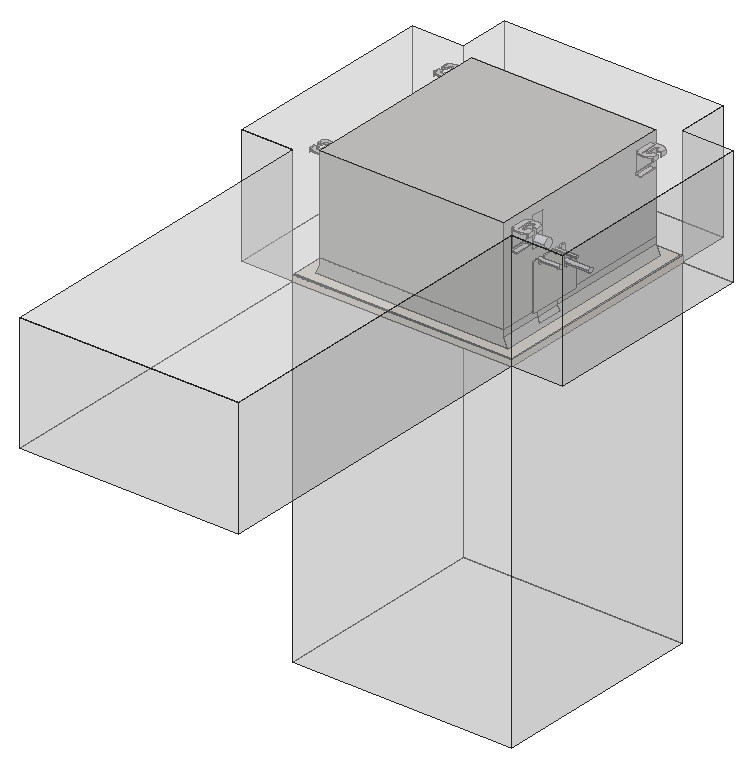
Revit family "outputfile", category 機械設備, Revit 2024
Family settings
  丸型コネクタ寸法 = 半径を使用
  種別 = なし
  パーツ タイプ = 標準
  OmniClass 番号 = 23.75.10.24.21.27.27
  OmniClass タイトル = Split System Air Conditioning Units
  作業面ベース = いいえ
  常に垂直 = はい
  ロード時にボイドで切り取り = いいえ
  注釈の向きを維持 = いいえ
  共有 = いいえ
  部屋計算ポイント = はい
Parameters (values of type "FPEKQ28AVM")
  書き出し IFC クラス(タイプ) = "IfcUnitaryEquipmentType"
  定義済み IFC タイプ(タイプ) = "AIRCONDITIONINGUNIT"
  r_HP/LP Gas Pipe Size = [HP/LP Gas Pipe Size] / 2  # 4.75 mm
  製造元 = "Daikin"
  モデル = "FPEKQ28AVM"
  w_power = 270.0 mm
  w_HP/LP Gas Pipe Size = 334.0 mm
  w_gaspipe = 344.0 mm
  w_drainpipe = 303.0 mm
  w_liquidpipe = 334.0 mm
  r_OAduct = 75.0 mm
  r_Liquid Pipe Size = Liquid Pipe Size / 2  # 3.2 mm
  r_Gas Pipe Size = Gas Pipe Size / 2  # 6.35 mm
  r_Drain Pipe Size = Drain Pipe Size / 2  # 13.0 mm
  lw_OA = (Width - 295.0 mm) / 2  # 172.5 mm
  lh_liquidpipe = 176.0 mm
  lh_HP/LP Gas Pipe Size = 176.0 mm
  lh_OA = 220.0 mm
  ld_HP/LP Gas Pipe Size = 150.0 mm
  ld_OA = 100.0 mm
  Voltage_comment_60Hz = "220-230"
  Voltage_comment_50Hz = "220 - 240"
  Voltage_60Hz = 220 V
  Voltage_50Hz = 230 V
  Phase_60Hz = 1
  Phase_50Hz = 1
  Minimum Circuit Amps_60Hz = 0.6 A
  Minimum Circuit Amps_50Hz = 0.6 A
  Maximum Fuse Amps_60Hz = 16.0 A
  Maximum Fuse Amps_50Hz = 16.0 A
  Material_Casing = DAIKIN_GalvanizedSteel_Casing_indoorunit
  lw_drainpipe = 50.0 mm
  lw_connection = 75.0 mm
  lh_powersuply = 27.0 mm
  lh_drainpipe = 230.0 mm
  lh_gaspipe = 129.0 mm
  ld_powersuply = 100.0 mm
  ld_liquidpipe = 90.0 mm
  ld_gaspipe = 53.0 mm
  ld_drainpipe = 157.0 mm
  h_mountinghole = 304.0 mm
  h_casing = 325.0 mm
  h_antenna = h_casing - h_mountinghole + 1.0 mm  # 22.0 mm
  d_mountinghole = 456.0 mm
  Width = 640.0 mm
  w_mountinghole = 603.0 mm
  w_branch duct connection = if(Width = 1070.0 mm, 360.0 mm, 615.0 mm)  # 615.0 mm
  w_block = if(Width = 1285.0 mm, 36.5 mm, 36.0 mm)  # 36.0 mm
  Version = "ver.1.0"
  Unit Type = "Moisture Kitchen Cassette"
  Unit Mass Weight = 19.00 kg
  Unit Designation [instance] = ""
  Uniclass2015Version = "Products v1.30"
  Uniclass2015Title = "Variable refrigerant flow units"
  Uniclass2015Code = "Pr_70_65_03_94"
  Total Cooling Capacity [instance] = 0.000 kW
  Sound Pressure Level_M speed (dBA) = 0
  Sound Pressure Level_L speed (dBA) = 25
  Sound Pressure Level_H speed (dBA) = 35
  Series = "VRV HOME_Fan Coil Unit"
  Sensible Cooling Capacity [instance] = 0.000 kW
  Refrigerant Type = "R410A"
  r_branch duct connection = if(Width = 1070.0 mm, 154.5 mm, 262.5 mm)  # 262.5 mm
  Power Input (Cooling) = 0.054 kW
  Option Accessory 3 [instance] = ""
  Option Accessory 2 [instance] = ""
  Option Accessory 1 [instance] = ""
  Nominal Cooling Capacity = 3.200 kW
  Minimum Airflow = 210.00 m³/h
  Median Airflow = 0.00 m³/h
  Maximum Airflow = 516.00 m³/h
  Load Classification = HVAC
  Liquid Pipe Size = 6.4 mm
  Link_Nested Family [instance] = ""
  l_branch duct connection = if(Width = 1070.0 mm, 282.5 mm, 374.5 mm)  # 374.5 mm
  IfcVersion = ""
  IfcExportType = "AIRCONDITIONINGUNIT"
  IfcExportAs = "IfcUnitaryEquipmentType"
  Height = 345.0 mm
  Heat Exchanger Type = "Cross Fin Coil"
  HP/LP Gas Pipe Size = 9.5 mm
  Gas Pipe Size = 12.7 mm
  Frequency_60Hz = 60 Hz
  Frequency_50Hz = 50 Hz
  Fan Type = "Sirocco Fan"
  Fan Drive = "Direct Drive"
  FCU Tag No. [instance] = ""
  Drain Pipe Size = 26.0 mm
  Design Supply Airflow [instance] = 0.00 m³/h
  Design Outdoor Airflow [instance] = 0.00 m³/h
  Depth = 625.0 mm
  既定の高さ = 0.0 mm
  Cooling Entering Wet Bulb Temperature [instance] = 0.00 °C
  Cooling Entering Dry Bulb Temperature [instance] = 0.00 °C
  Cooling Ambient Wet Bulb Temperature [instance] = 0.00 °C
  Cooling Ambient Dry Bulb Temperature [instance] = 0.00 °C
  Clearance visibility [instance] = yes
  Clearance Top = 0.0 mm
  Clearance Right = 150.0 mm
  Clearance Rear = 150.0 mm
  Clearance Left = 150.0 mm
  Clearance Front = 1000.0 mm
  Clearance Bottom = 1000.0 mm
  switch_Branch duct connection2 visibility = Width = 1740.0 mm  # no
  switch_Branch duct connection1 visibility = or((Width = 1070.0 mm), (Width = 1285.0 mm))  # no
Reference planes
  plane 1 "Center (Front/Back)": y = 0
  plane 2 "ceiling plane": z = 0
  plane 3 "Center (Left/Right)": x = 0
  plane 4 "Back": y = 312.5
  plane 5 "Front": y = -312.5
  plane 6 "Left": x = -320
  plane 7 "Right": x = 320
  plane 8 "Top": z = 325
  plane 9 "Bottom": z = -20
  plane 10: z = 45
  plane 11: z = 325
  plane 12: x = -301.5
  plane 13: x = 301.5
  plane 14: y = 228
  plane 15: y = -228
  plane 16: z = 304
  plane 17: x = 303
  plane 18: x = 334
  plane 19: y = -100
  plane 20 "Clearance Rear": y = 462.5
  plane 21 "Clearance Front": y = -1312.5
  plane 22 "Clearance Left": x = -470
  plane 23 "Clearance Right": x = 470
  plane 24 "Clearance Top": z = 325
  plane 25 "Clearance Bottom": z = -1000
  plane 26: y = -90
  plane 27: y = -53
  plane 28: y = -157
  plane 29: z = 27
  plane 30: z = 129
  plane 31: z = 230
  plane 32: z = 220
  plane 33: x = 160
  plane 34: y = -260
  plane 35: z = 176
  plane 36: y = -150
  plane 37: x = 344
Forms (mm)
  Extrusion 1, solid, material "DAIKIN_GalvanizedSteel_Casing_indoorunit" <- "Material_Casing"
    sketch origin (0, 0, 0) x (1, 0, 0) y (0, 1, 0)
      loop
        line (-270, 277.5) -> (-270, -277.5) -> (270, -277.5) -> (270, 277.5) -> (-270, 277.5)
    from 45 to 325
  Extrusion 2, solid
    sketch origin (0, 0, 0) x (0, 1, 0) y (0, 0, 1)
      loop
        circle (-90, 176) r 3.2
    from 270 to 334
  Extrusion 3, solid
    sketch origin (0, 0, 0) x (0, 1, 0) y (0, 0, 1)
      loop
        circle (-157, 230) r 13
    from 268 to 303
  Extrusion 4, solid
    sketch origin (0, -60, 0) x (0, 1, 0) y (0, 0, 1)
      loop
        circle (-90, 176) r 4.75
    from 270 to 334 <- "w_HP/LP Gas Pipe Size"
  Extrusion 5, solid
    sketch origin (0, 0, 0) x (0, 1, 0) y (0, 0, 1)
      loop
        circle (-53, 129) r 6.35
    from 270 to 344
  Extrusion 6, solid, material "DAIKIN_GalvanizedSteel_Casing_indoorunit" <- "Material_Casing"
    sketch origin (0, 0, 0) x (0, 1, 0) y (0, 0, 1)
      loop
        line (-173.357, 45.701) -> (-27.704, 45.701)
        arc (-27.704, 45.701) -> (-25.633, 46.606) -> (-24.781, 48.7) r 3
        line (-24.781, 48.7) -> (-24.781, 130.81)
        arc (-24.781, 130.81) -> (-25.66, 132.931) -> (-27.781, 133.81) r 3
        line (-27.781, 133.81) -> (-35.219, 133.81)
        arc (-35.219, 133.81) -> (-37.34, 132.931) -> (-38.219, 130.81) r 3
        line (-38.219, 130.81) -> (-38.219, 129)
        arc (-38.219, 129) -> (-53, 114.219) -> (-67.781, 129) r 14.781
        line (-67.781, 129) -> (-67.781, 144.567)
        arc (-67.781, 144.567) -> (-67.553, 145.715) -> (-66.903, 146.689) r 3
        line (-66.903, 146.689) -> (-63.66, 150.321)
        arc (-63.66, 150.321) -> (-63.01, 151.295) -> (-62.781, 152.443) r 3
        line (-62.781, 152.443) -> (-62.781, 177.95)
        arc (-62.781, 177.95) -> (-63.66, 180.071) -> (-65.781, 180.95) r 3
        line (-65.781, 180.95) -> (-73.98, 180.95)
        arc (-73.98, 180.95) -> (-76.102, 180.071) -> (-76.98, 177.95) r 3
        line (-76.98, 177.95) -> (-76.98, 176)
        arc (-76.98, 176) -> (-90, 162.98) -> (-103.02, 176) r 13.02
        line (-103.02, 176) -> (-103.02, 177.95)
        arc (-103.02, 177.95) -> (-103.898, 180.071) -> (-106.02, 180.95) r 3
        line (-106.02, 180.95) -> (-133.996, 180.95)
        arc (-133.996, 180.95) -> (-136.117, 180.071) -> (-136.996, 177.95) r 3
        line (-136.996, 177.95) -> (-136.996, 176)
        arc (-136.996, 176) -> (-150, 162.996) -> (-163.004, 176) r 13.004
        line (-163.004, 176) -> (-163.004, 177.95)
        arc (-163.004, 177.95) -> (-163.883, 180.071) -> (-166.004, 180.95) r 3
        line (-166.004, 180.95) -> (-173.279, 180.95)
        arc (-173.279, 180.95) -> (-175.4, 180.071) -> (-176.279, 177.95) r 3
        line (-176.279, 177.95) -> (-176.279, 48.7)
        arc (-176.279, 48.7) -> (-175.428, 46.607) -> (-173.357, 45.701) r 3
    from 270 to 277
  Extrusion 7, void
    sketch origin (0, 0, 0) x (0, 1, 0) y (0, 0, 1)
      loop
        arc (-136, 296) -> (-137.464, 299.536) -> (-141, 301) r 5
        line (-141, 301) -> (-173, 301)
        arc (-173, 301) -> (-176.536, 299.536) -> (-178, 296) r 5
        line (-178, 296) -> (-178, 214)
        arc (-178, 214) -> (-176.536, 210.464) -> (-173, 209) r 5
        line (-173, 209) -> (-141, 209)
        arc (-141, 209) -> (-137.464, 210.464) -> (-136, 214) r 5
        line (-136, 214) -> (-136, 296)
    from 268 to 270
  Extrusion 8, solid, material "DAIKIN_GalvanizedSteel_Casing_indoorunit" <- "Material_Casing"
    sketch origin (0, 0, 0) x (1, 0, 0) y (0, 0, 1)
      loop
        line (271, 25.995) -> (271, 42) -> (-271, 42) -> (-271, 25.995) -> (-277.526, 12) -> (277.526, 12) -> (271, 25.995)
    from 85 to 155
Cuts and joins
  Extrusion 7 cuts Extrusion 1
Dimensions and locks
  "Width": plane 6 "Left" to plane 7 "Right"
  equal spacing: plane 6 "Left", plane 3 "Center (Left/Right)", plane 7 "Right"
  equal spacing: plane 4 "Back", plane 1 "Center (Front/Back)", plane 5 "Front"
  "Depth": plane 4 "Back" to plane 5 "Front"
  plane 11 to plane 10 = 280.0 mm
  equal spacing: plane 12, plane 3 "Center (Left/Right)", plane 13
  "w_mountinghole": plane 12 to plane 13
  equal spacing: plane 15, plane 1 "Center (Front/Back)", plane 14
  "d_mountinghole": plane 15 to plane 14
  "h_mountinghole": plane 16 to level
  "lh_liquidpipe": Extrusion 2 sketch curve to level
  "Clearance Left": plane 22 "Clearance Left" to plane 6 "Left"
  "Clearance Right": plane 7 "Right" to plane 23 "Clearance Right"
  "Clearance Front": plane 5 "Front" to plane 21 "Clearance Front"
  "Clearance Rear": plane 20 "Clearance Rear" to plane 4 "Back"
  "Clearance Top": plane 24 "Clearance Top" to plane 11
  "Clearance Bottom": level to plane 25 "Clearance Bottom"
  "ld_powersuply": plane 19 to plane 1 "Center (Front/Back)"
  "ld_liquidpipe": plane 26 to plane 1 "Center (Front/Back)"
  "ld_gaspipe": plane 27 to plane 1 "Center (Front/Back)"
  "ld_drainpipe": plane 28 to plane 1 "Center (Front/Back)"
  "lh_powersuply": plane 29 to level
  "lh_gaspipe": plane 30 to level
  "lh_drainpipe": plane 31 to level
  "h_casing": plane 11 to level
  "lh_OA": plane 32 to level
  locked: plane 33 to plane 7 "Right" at 160
  locked: plane 5 "Front" to plane 34 at 52.5
  equal spacing: Extrusion 1 sketch curve, plane 3 "Center (Left/Right)", Extrusion 1 sketch curve
  locked: Extrusion 1 sketch curve to Extrusion 1 sketch curve at 540
  equal spacing: Extrusion 1 sketch curve, plane 1 "Center (Front/Back)", Extrusion 1 sketch curve
  locked: Extrusion 1 sketch curve to Extrusion 1 sketch curve at 555
  "lh_liquidpipe": plane 35 to level
  "w_drainpipe": plane 3 "Center (Left/Right)" to plane 17
  "w_liquidpipe": plane 3 "Center (Left/Right)" to plane 18
  "lh_HP/LP Gas Pipe Size": Extrusion 4 sketch curve to level
  "ld_HP/LP Gas Pipe Size": Extrusion 4 sketch curve to plane 1 "Center (Front/Back)"
  "ld_HP/LP Gas Pipe Size": plane 36 to plane 1 "Center (Front/Back)"
  "w_gaspipe": plane 3 "Center (Left/Right)" to plane 37
  locked: plane 10 to level at 45
  "Liquid Pipe Size": diameter of Extrusion 2 sketch curve
  "Drain Pipe Size": diameter of Extrusion 3 sketch curve
  "r_HP/LP Gas Pipe Size": radius of Extrusion 4 sketch curve
  "r_Gas Pipe Size": radius of Extrusion 5 sketch curve
  aligned and locked: level to plane 2 "ceiling plane"
  aligned and locked: Extrusion 1 to plane 10
  aligned and locked: plane 11 to Extrusion 1
  aligned and locked: plane 18 to Extrusion 2
  aligned and locked: plane 17 to Extrusion 3
  aligned and locked: nested 6 to plane 19
  aligned and locked: plane 11 to plane 8 "Top"
  aligned and locked: nested 6 to plane 29
  aligned and locked: nested 7 to plane 26
  aligned and locked: plane 18 to nested 7
  aligned and locked: nested 8 to plane 27
  aligned and locked: nested 9 to plane 28
  aligned and locked: plane 17 to nested 9
  aligned and locked: plane 12 to nested 10
  aligned and locked: plane 14 to nested 10
  aligned and locked: plane 12 to nested 11
  aligned and locked: plane 15 to nested 11
  aligned and locked: plane 13 to nested 12
  aligned and locked: plane 15 to nested 12
  aligned and locked: plane 14 to nested 13
  aligned and locked: plane 13 to nested 13
  aligned and locked: plane 1 "Center (Front/Back)" to nested 15
  aligned and locked: plane 3 "Center (Left/Right)" to nested 15
  aligned and locked: plane 24 "Clearance Top" to nested 15
  aligned and locked: plane 33 to nested 14
  aligned and locked: nested 14 to plane 34
  aligned and locked: level to nested 1
  aligned and locked: plane 3 "Center (Left/Right)" to nested 1
  aligned and locked: plane 1 "Center (Front/Back)" to nested 1
  aligned and locked: plane 14 to nested 2
  aligned and locked: plane 12 to nested 2
  aligned and locked: plane 15 to nested 3
  aligned and locked: plane 12 to nested 3
  aligned and locked: nested 4 to plane 14
  aligned and locked: plane 13 to nested 4
  aligned and locked: nested 5 to plane 15
  aligned and locked: plane 13 to nested 5
  aligned and locked: plane 26 to Extrusion 2 sketch curve
  aligned and locked: plane 28 to Extrusion 3 sketch curve
  aligned and locked: plane 31 to Extrusion 3 sketch curve
  aligned and locked: nested 16 to plane 36
  aligned and locked: plane 18 to Extrusion 4
  aligned and locked: plane 30 to Extrusion 5 sketch curve
  aligned and locked: plane 27 to Extrusion 5 sketch curve
  aligned and locked: plane 37 to Extrusion 5
  aligned and locked: plane 37 to nested 8
  aligned and locked: nested 14 to plane 9 "Bottom"
  aligned and locked: plane 9 "Bottom" to nested 1
  aligned and locked: Extrusion 4 to cut or joined group of Extrusion 1, Extrusion 7
  aligned and locked: Extrusion 2 to cut or joined group of Extrusion 1, Extrusion 7
  aligned and locked: Extrusion 5 to cut or joined group of Extrusion 1, Extrusion 7
  aligned and locked: cut or joined group of Extrusion 1, Extrusion 7 to Extrusion 3
Automatic sketch dimensions
  plane 35 to Extrusion 6 sketch curve = 0.0 mm  (x2)
  Extrusion 6 sketch curve to plane 36 = 0.0 mm
  Extrusion 6 sketch curve to plane 26 = 0.0 mm
  plane 30 to Extrusion 6 sketch curve = 0.0 mm
  Extrusion 6 sketch curve to plane 27 = 0.0 mm
  Extrusion 6 sketch curve to plane 35 = 1.95 mm  (x4)
  plane 28 to Extrusion 6 sketch curve = 6.004 mm
  Extrusion 6 sketch curve to Extrusion 6 sketch curve = 3.0 mm  (x4)
  plane 10 to Extrusion 6 sketch curve = 3.7 mm  (x2)
  plane 28 to Extrusion 6 sketch curve = 16.279 mm
  Extrusion 6 sketch curve to Extrusion 6 sketch curve = 7.275 mm
  plane 10 to Extrusion 6 sketch curve = 0.701 mm  (x2)
  Extrusion 6 sketch curve to Extrusion 6 sketch curve = 0.078 mm  (x2)
  plane 19 to Extrusion 6 sketch curve = 6.02 mm
  plane 19 to Extrusion 6 sketch curve = 3.02 mm
  Extrusion 6 sketch curve to Extrusion 6 sketch curve = 0.879 mm  (x2)
  Extrusion 6 sketch curve to Extrusion 6 sketch curve = 8.199 mm
  Extrusion 6 sketch curve to Extrusion 6 sketch curve = 1.121 mm
  Extrusion 6 sketch curve to Extrusion 6 sketch curve = 2.121 mm  (x2)
  Extrusion 6 sketch curve to plane 30 = 1.81 mm
  Extrusion 6 sketch curve to Extrusion 6 sketch curve = 7.437 mm
  Extrusion 6 sketch curve to plane 27 = 25.219 mm
  Extrusion 6 sketch curve to plane 30 = 15.567 mm
  Extrusion 6 sketch curve to Extrusion 6 sketch curve = 3.633 mm
  plane 32 to Extrusion 7 sketch curve = 6.0 mm  (x2)
  plane 28 to Extrusion 7 sketch curve = 21.0 mm
  Extrusion 7 sketch curve to Extrusion 7 sketch curve = 5.0 mm  (x3)
  Extrusion 7 sketch curve to plane 36 = 9.0 mm
  Extrusion 7 sketch curve to plane 16 = 8.0 mm
  plane 12 to Extrusion 8 sketch curve = 23.974 mm
  Extrusion 8 sketch curve to plane 10 = 3.0 mm
  plane 12 to Extrusion 8 sketch curve = 30.5 mm
  plane 29 to Extrusion 8 sketch curve = 1.005 mm  (x2)
  Extrusion 8 sketch curve to plane 13 = 30.5 mm
  Extrusion 8 sketch curve to Extrusion 8 sketch curve = 6.526 mm
  level to Extrusion 8 sketch curve = 12.0 mm
Nested families
  nested 1: "daikin_round flow_panel" at (0, 0, 0), type "magnolia denudata white"
  nested 2: "daikin_hangerfixture_FPEKQ-AVM" at (-270, 228, 304) x (0, -1, 0) z (0, 0, 1), built-in parameter 1001364 <- "h_mountinghole", type "daikin_hangerfixture_FPEKQ-AVM"
  nested 3: "daikin_hangerfixture_FPEKQ-AVM" at (-270, -228, 304) x (0, -1, 0) z (0, 0, 1), built-in parameter 1001364 <- "h_mountinghole", type "daikin_hangerfixture_FPEKQ-AVM"
  nested 4: "daikin_hangerfixture_FPEKQ-AVM" at (270, 228, 304) x (0, -1, 0) z (0, 0, 1), built-in parameter 1001364 <- "h_mountinghole", type "daikin_hangerfixture_FPEKQ-AVM"
  nested 5: "daikin_hangerfixture_FPEKQ-AVM" at (270, -228, 304) x (0, -1, 0) z (0, 0, 1), built-in parameter 1001364 <- "h_mountinghole", type "daikin_hangerfixture_FPEKQ-AVM"
  nested 6: "daikin_connector_rotate2" at (0, -100, 27) x (0, 1, 0) z (0, 0, 1), length <- "w_power", type "daikin_connector_rotate2"
    with radius 10.0 mm, length 270.0 mm, angle_vertical 90.00°
  nested 7: "daikin_connector_rotate2" at (0, -90, 176) x (0, 1, 0) z (0, 0, 1), radius <- "r_Liquid Pipe Size", built-in parameter 1001364 <- "lh_liquidpipe", length <- "w_liquidpipe", type "daikin_connector_rotate2"
    with radius 3.2 mm, length 334.0 mm, angle_vertical 90.00°
  nested 8: "daikin_connector_rotate2" at (0, -53, 129) x (0, 1, 0) z (0, 0, 1), radius <- "r_Gas Pipe Size", built-in parameter 1001364 <- "lh_gaspipe", length <- "w_gaspipe", type "daikin_connector_rotate2"
    with radius 6.35 mm, length 344.0 mm, angle_vertical 90.00°
  nested 9: "daikin_connector_rotate2" at (0, -157, 230) x (0, 1, 0) z (0, 0, 1), radius <- "r_Drain Pipe Size", built-in parameter 1001364 <- "lh_drainpipe", length <- "w_drainpipe", type "daikin_connector_rotate2"
    with radius 13.0 mm, length 303.0 mm, angle_vertical 90.00°
  nested 10: "daikin_mountinghole" at (-301.5, 228, 0), l_antenna <- "h_antenna", Link_Nested Family <- "Link_Nested Family", h_mountinghole <- "h_mountinghole", type "daikin_mountinghole"
    with show yes, l_antenna 22.0 mm, h_mountinghole 304.0 mm, Link_Nested Family ""
  nested 11: "daikin_mountinghole" at (-301.5, -228, 0), l_antenna <- "h_antenna", Link_Nested Family <- "Link_Nested Family", h_mountinghole <- "h_mountinghole", type "daikin_mountinghole"
    with show yes, l_antenna 22.0 mm, h_mountinghole 304.0 mm, Link_Nested Family ""
  nested 12: "daikin_mountinghole" at (301.5, -228, 0), l_antenna <- "h_antenna", Link_Nested Family <- "Link_Nested Family", h_mountinghole <- "h_mountinghole", type "daikin_mountinghole"
    with show yes, l_antenna 22.0 mm, h_mountinghole 304.0 mm, Link_Nested Family ""
  nested 13: "daikin_mountinghole" at (301.5, 228, 0), l_antenna <- "h_antenna", Link_Nested Family <- "Link_Nested Family", h_mountinghole <- "h_mountinghole", type "daikin_mountinghole"
    with show yes, l_antenna 22.0 mm, h_mountinghole 304.0 mm, Link_Nested Family ""
  nested 14: "daikin_logo_plane_w40" at (160, -260, -22), type "daikin_logo_plane_w40"
    with show_logo yes
  nested 15: "daikin_clearancespace_cassette" at (0, 0, 152.5), depth_outline <- "Depth", height_outline <- "Height", width_outline <- "Width", depth_front <- "Clearance Front", depth_rear <- "Clearance Rear", height_bottom <- "Clearance Bottom", height_top <- "Clearance Top", width_left <- "Clearance Left", width_right <- "Clearance Right", show <- "Clearance visibility", visible <- "Clearance visibility", Link_Nested Family <- "Link_Nested Family", type "daikin_clearancespace_cassette"
    with width_right 150.0 mm, width_outline 640.0 mm, width_left 150.0 mm, width 1823.963 mm, show yes, height_top 0.0 mm, height_outline 345.0 mm, height_bottom 1000.0 mm, height 1359.762 mm, depth_rear 150.0 mm, depth_outline 625.0 mm, depth_front 1000.0 mm, depth 880.0 mm, Link_Nested Family ""
  nested 16: "daikin_connector_rotate2" at (0, -150, 176) x (0, 1, 0) z (0, 0, 1), built-in parameter 1001364 <- "lh_HP/LP Gas Pipe Size", length <- "w_HP/LP Gas Pipe Size", type "daikin_connector_rotate2"
    with radius 4.8 mm, length 334.0 mm, angle_vertical 90.00°
Connectors
  piping at (334, -90, 176), diameter 6.4, driven by "r_Liquid Pipe Size"
    settings: on nested 7, index 5, connector inside diameter 609.6 mm, connector length 0.0 mm, flow factor 0, pipe flow 0.00 m³/h, pressure drop 0.0 Pa, fitting loss kfactor 0, connector angle 0.00°, fixture units 0, engagement length 0.0 mm, angle of deflection 0.00°, flow configuration 1, flow direction 1, fitting loss method 0, system type 29, joint type 0, gender type 0, connector reference index -1, connector utility 0, adjustable connector no, is connector primary yes, connector description "Refrigerant Liquid Piping"
  piping at (344, -53, 129), diameter 12.7, driven by "r_Gas Pipe Size"
    settings: on nested 8, index 6, connector inside diameter 609.6 mm, connector length 0.0 mm, flow factor 0, pipe flow 0.00 m³/h, pressure drop 0.0 Pa, fitting loss kfactor 0, connector angle 0.00°, fixture units 0, engagement length 0.0 mm, angle of deflection 0.00°, flow configuration 1, flow direction 2, fitting loss method 0, system type 29, joint type 0, gender type 0, connector reference index -1, connector utility 0, adjustable connector no, is connector primary no, connector description "Refrigerant Gas Piping"
  piping at (303, -157, 230), diameter 26, driven by "r_Drain Pipe Size"
    settings: on nested 9, index 7, connector inside diameter 609.6 mm, connector length 0.0 mm, flow factor 0, pipe flow 0.00 m³/h, pressure drop 0.0 Pa, fitting loss kfactor 0, connector angle 0.00°, fixture units 0, engagement length 0.0 mm, angle of deflection 0.00°, flow configuration 1, flow direction 2, fitting loss method 4, system type 16, joint type 0, gender type 0, connector reference index -1, connector utility 0, adjustable connector no, is connector primary no, connector description "Condensate Drain Piping"
  electrical at (270, -100, 27), driven by "Load Classification"
    settings: on nested 6, index 10, voltage 0 V, apparent load 0 VA, apparent load phase1 0 VA, apparent load phase2 0 VA, apparent load phase3 0 VA, power factor 1, load classification "HVAC", number of poles 1, system type 30, power factor state 1, is connector primary yes, connector utility no, sub classification motor no, connector description "Power Supply"
  piping at (334, -150, 176), diameter 9.5, driven by "r_HP/LP Gas Pipe Size"
    settings: on nested 16, index 11, connector inside diameter 609.6 mm, connector length 0.0 mm, flow factor 0, pipe flow 0.00 m³/h, pressure drop 0.0 Pa, fitting loss kfactor 0, connector angle 0.00°, fixture units 0, engagement length 0.0 mm, angle of deflection 0.00°, flow configuration 1, flow direction 0, fitting loss method 0, system type 29, joint type 0, gender type 0, connector reference index -1, connector utility 0, adjustable connector no, is connector primary no, connector description "Refrigerant HP/LP Gas Piping"
Definition of nested family "daikin_round flow_panel"
  Parameters (values of type "fresh white")
    width = 640.0 mm  # constant formula
    w_casing = 564.0 mm  # constant formula
    material_panel = none
    material_casing = none
    height = 65.0 mm
    depth = 625.0 mm  # constant formula
    d_casing = 555.0 mm  # constant formula
    W = 640.0 mm
    Default Elevation = 0.0 mm
  Reference planes
    plane 1 "Center (Front/Back)": y = 0
    plane 2: z = 0
    plane 3 "Center (Left/Right)": x = 0
    plane 4: y = 312.5
    plane 5: y = -312.5
    plane 6: x = -320
    plane 7: x = 320
    plane 8 "Bottom": z = -20
    plane 9: y = 277.5
    plane 10: y = -277.5
    plane 11: x = -282
    plane 12: x = 282
    plane 13: z = 45
    plane 14: x = -300
    plane 15: x = 300
    plane 16: z = -2
  Forms (mm)
    Extrusion 1, solid, material <- "material_casing"
      sketch origin (0, 0, 0) x (1, 0, 0) y (0, 0, 1)
        loop
          line (270, 25.774) -> (270, 45) -> (-270, 45) -> (-270, 25.774) -> (-282.018, 0) -> (282.018, 0) -> (270, 25.774)
      from -277.5 to 277.5
    Extrusion 2, solid, material <- "material_panel"
      sketch origin (0, 0, 0) x (1, 0, 0) y (0, 0, 1)
        loop
          line (-317.01, 0) -> (-317.01, -2) -> (317.01, -2) -> (317.01, 0) -> (-317.01, 0)
      from -309.5 to 309.5
    Extrusion 3, solid, material <- "material_panel"
      sketch origin (0, 0, 0) x (1, 0, 0) y (0, 0, 1)
        loop
          line (-320, -2) -> (-320, -20) -> (320, -20) -> (320, -2) -> (-320, -2)
      from -312.5 to 312.5
    Extrusion 4, void
      sketch origin (-993.619, -1524, -20) x (0, -1, 0) y (-1, 0, 0)
        loop
          line (-1296, -757.819) -> (-1296, -1229.419) -> (-1246.5, -1229.419) -> (-1246.5, -757.819) -> (-1296, -757.819)
        loop
          line (-1801.5, -692.119) -> (-1801.5, -1295.119) -> (-1535.3, -1295.119) -> (-1535.3, -692.119) -> (-1801.5, -692.119)
      from 0 to -1
    Extrusion 5, solid, material <- "material_panel"
      sketch origin (-993.619, -1524, -20) x (-1, 0, 0) y (0, -1, 0)
        loop
          line (-757.819, -1296) -> (-757.819, -1246.5) -> (-1072.219, -1246.5) -> (-1072.219, -1296) -> (-757.819, -1296)
      from 0 to 1
    Extrusion 6, solid, material <- "material_panel"
      sketch origin (-993.619, -1524, -20) x (-1, 0, 0) y (0, -1, 0)
        loop
          line (-1072.219, -1296) -> (-1072.219, -1246.5) -> (-1229.419, -1246.5) -> (-1229.419, -1296) -> (-1072.219, -1296)
      from 0 to 1
    Extrusion 7, solid, material <- "material_panel"
      sketch origin (-993.619, -1524, -20) x (-1, 0, 0) y (0, -1, 0)
        loop
          line (-750.169, -1801.5) -> (-750.169, -1535.3) -> (-752.169, -1535.3) -> (-752.169, -1801.5) -> (-750.169, -1801.5)
        loop
          line (-818.744, -1535.3) -> (-823.744, -1535.3) -> (-823.744, -1801.5) -> (-818.744, -1801.5) -> (-818.744, -1535.3)
        loop
          line (-888.819, -1801.5) -> (-888.819, -1535.3) -> (-893.819, -1535.3) -> (-893.819, -1801.5) -> (-888.819, -1801.5)
        loop
          line (-991.119, -1801.5) -> (-991.119, -1535.3) -> (-996.119, -1535.3) -> (-996.119, -1801.5) -> (-991.119, -1801.5)
        loop
          line (-1093.419, -1801.5) -> (-1093.419, -1535.3) -> (-1098.419, -1535.3) -> (-1098.419, -1801.5) -> (-1093.419, -1801.5)
        loop
          line (-1163.494, -1535.3) -> (-1168.494, -1535.3) -> (-1168.494, -1801.5) -> (-1163.494, -1801.5) -> (-1163.494, -1535.3)
        loop
          line (-1235.069, -1801.5) -> (-1235.069, -1535.3) -> (-1237.069, -1535.3) -> (-1237.069, -1801.5) -> (-1235.069, -1801.5)
      from 0 to 1
    Extrusion 8, solid, material <- "material_panel"
      sketch origin (-993.619, -1524, -20) x (-1, 0, 0) y (0, -1, 0)
        loop
          line (-692.119, -1789.9) -> (-692.119, -1788.9) -> (-1295.119, -1788.9) -> (-1295.119, -1789.9) -> (-692.119, -1789.9)
        loop
          line (-692.119, -1777.8) -> (-692.119, -1776.8) -> (-1295.119, -1776.8) -> (-1295.119, -1777.8) -> (-692.119, -1777.8)
        loop
          line (-692.119, -1765.7) -> (-692.119, -1764.7) -> (-1295.119, -1764.7) -> (-1295.119, -1765.7) -> (-692.119, -1765.7)
        loop
          line (-692.119, -1753.6) -> (-692.119, -1752.6) -> (-1295.119, -1752.6) -> (-1295.119, -1753.6) -> (-692.119, -1753.6)
        loop
          line (-692.119, -1741.5) -> (-692.119, -1740.5) -> (-1295.119, -1740.5) -> (-1295.119, -1741.5) -> (-692.119, -1741.5)
        loop
          line (-692.119, -1729.4) -> (-692.119, -1728.4) -> (-1295.119, -1728.4) -> (-1295.119, -1729.4) -> (-692.119, -1729.4)
        loop
          line (-692.119, -1717.3) -> (-692.119, -1716.3) -> (-1295.119, -1716.3) -> (-1295.119, -1717.3) -> (-692.119, -1717.3)
        loop
          line (-692.119, -1705.2) -> (-692.119, -1704.2) -> (-1295.119, -1704.2) -> (-1295.119, -1705.2) -> (-692.119, -1705.2)
        loop
          line (-692.119, -1693.1) -> (-692.119, -1692.1) -> (-1295.119, -1692.1) -> (-1295.119, -1693.1) -> (-692.119, -1693.1)
        loop
          line (-692.119, -1681) -> (-692.119, -1680) -> (-1295.119, -1680) -> (-1295.119, -1681) -> (-692.119, -1681)
        loop
          line (-692.119, -1668.9) -> (-692.119, -1667.9) -> (-1295.119, -1667.9) -> (-1295.119, -1668.9) -> (-692.119, -1668.9)
        loop
          line (-692.119, -1656.8) -> (-692.119, -1655.8) -> (-1295.119, -1655.8) -> (-1295.119, -1656.8) -> (-692.119, -1656.8)
        loop
          line (-692.119, -1644.7) -> (-692.119, -1643.7) -> (-1295.119, -1643.7) -> (-1295.119, -1644.7) -> (-692.119, -1644.7)
        loop
          line (-692.119, -1632.6) -> (-692.119, -1631.6) -> (-1295.119, -1631.6) -> (-1295.119, -1632.6) -> (-692.119, -1632.6)
        loop
          line (-692.119, -1620.5) -> (-692.119, -1619.5) -> (-1295.119, -1619.5) -> (-1295.119, -1620.5) -> (-692.119, -1620.5)
        loop
          line (-692.119, -1608.4) -> (-692.119, -1607.4) -> (-1295.119, -1607.4) -> (-1295.119, -1608.4) -> (-692.119, -1608.4)
        loop
          line (-692.119, -1596.3) -> (-692.119, -1595.3) -> (-1295.119, -1595.3) -> (-1295.119, -1596.3) -> (-692.119, -1596.3)
        loop
          line (-692.119, -1584.2) -> (-692.119, -1583.2) -> (-1295.119, -1583.2) -> (-1295.119, -1584.2) -> (-692.119, -1584.2)
        loop
          line (-692.119, -1572.1) -> (-692.119, -1571.1) -> (-1295.119, -1571.1) -> (-1295.119, -1572.1) -> (-692.119, -1572.1)
        loop
          line (-692.119, -1560) -> (-692.119, -1559) -> (-1295.119, -1559) -> (-1295.119, -1560) -> (-692.119, -1560)
        loop
          line (-692.119, -1547.9) -> (-692.119, -1546.9) -> (-1295.119, -1546.9) -> (-1295.119, -1547.9) -> (-692.119, -1547.9)
      from 0 to 1
  Cuts and joins
    Extrusion 4 cuts Extrusion 1
    Extrusion 4 cuts Extrusion 2
    Extrusion 4 cuts Extrusion 3
    joined: Extrusion 7, Extrusion 8
  Dimensions and locks
    "width": plane 6 to plane 7
    "depth": plane 4 to plane 5
    equal spacing: plane 6, plane 3 "Center (Left/Right)", plane 7
    equal spacing: plane 4, plane 1 "Center (Front/Back)", plane 5
    equal spacing: plane 9, plane 1 "Center (Front/Back)", plane 10
    "d_casing": plane 9 to plane 10
    equal spacing: plane 11, plane 3 "Center (Left/Right)", plane 12
    "w_casing": plane 11 to plane 12
    "height": plane 13 to plane 8 "Bottom"
    locked: level to plane 8 "Bottom" at 20
    locked: plane 6 to plane 14 at 20
    locked: plane 15 to plane 7 at 20
    plane 3 "Center (Left/Right)" to Extrusion 1 sketch curve = 282.018 mm
    Extrusion 1 sketch curve to plane 3 "Center (Left/Right)" = 282.018 mm
    plane 3 "Center (Left/Right)" to Extrusion 2 sketch curve = 317.01 mm
    Extrusion 2 sketch curve to plane 3 "Center (Left/Right)" = 317.01 mm
    locked: level to plane 16 at 2
    plane 10 to Extrusion 4 sketch curve = 49.5 mm
    Extrusion 4 sketch curve to plane 3 "Center (Left/Right)" to Extrusion 4 sketch curve = 235.8 mm locked, 235.8 mm locked
    plane 1 "Center (Front/Back)" to Extrusion 4 sketch curve to Extrusion 4 sketch curve = 11.3 mm locked, 266.2 mm locked
    Extrusion 4 sketch curve to plane 3 "Center (Left/Right)" to Extrusion 4 sketch curve = 301.5 mm locked, 301.5 mm locked
    locked: Extrusion 5 sketch curve to plane 10 at 49.5
    Extrusion 5 sketch curve to plane 3 "Center (Left/Right)" to Extrusion 5 sketch curve = 235.8 mm locked, 78.6 mm locked
    locked: plane 3 "Center (Left/Right)" to Extrusion 6 sketch curve at 235.8
    Extrusion 7 sketch curve to Extrusion 7 sketch curve to Extrusion 7 sketch curve to Extrusion 7 sketch curve to Extrusion 7 sketch curve to Extrusion 7 sketch curve to Extrusion 7 sketch curve to Extrusion 7 sketch curve to Extrusion 7 sketch curve to Extrusion 7 sketch curve to Extrusion 7 sketch curve to Extrusion 7 sketch curve to Extrusion 7 sketch curve to Extrusion 7 sketch curve = 2.0 mm locked, 66.575 mm locked, 5.0 mm locked, 65.075 mm locked, 5.0 mm locked, 97.3 mm locked, 5.0 mm locked, 97.3 mm locked, 5.0 mm locked, 65.075 mm locked, 5.0 mm locked, 66.575 mm locked, 2.0 mm locked
    aligned and locked: level to plane 2
    aligned and locked: level to Extrusion 1 sketch curve
    aligned and locked: Extrusion 2 to plane 16
    aligned and locked: plane 10 to Extrusion 4 sketch curve
    aligned and locked: plane 10 to Extrusion 5 sketch curve
    aligned and locked: Extrusion 6 sketch curve to Extrusion 5  (x2)
    aligned and locked: plane 10 to Extrusion 6 sketch curve
  Automatic sketch dimensions
    Extrusion 2 sketch curve to level = 0.0 mm
    Extrusion 2 sketch curve to level = 2.0 mm
    Extrusion 3 sketch curve to plane 6 = 0.0 mm
    Extrusion 3 sketch curve to plane 7 = 0.0 mm
    Extrusion 3 sketch curve to plane 8 "Bottom" = 0.0 mm
    Extrusion 3 sketch curve to plane 16 = 0.0 mm
    Extrusion 7 sketch curve to plane 9 = 0.0 mm  (x7)
    Extrusion 7 sketch curve to plane 12 = 38.55 mm
    Extrusion 7 sketch curve to plane 1 "Center (Front/Back)" = 11.3 mm  (x7)
    plane 15 to Extrusion 8 sketch curve = 1.5 mm  (x21)
    Extrusion 8 sketch curve to plane 14 = 1.5 mm  (x21)
    Extrusion 8 sketch curve to plane 9 = 11.6 mm
    Extrusion 8 sketch curve to Extrusion 8 sketch curve = 1.0 mm  (x21)
    Extrusion 8 sketch curve to Extrusion 8 sketch curve = 11.1 mm  (x20)
    Extrusion 1 sketch curve to plane 13 = 0.0 mm
    plane 11 to Extrusion 1 sketch curve = 12.0 mm
    Extrusion 1 sketch curve to plane 12 = 12.0 mm
    Extrusion 1 sketch curve to plane 13 = 19.226 mm
    Extrusion 1 sketch curve to Extrusion 1 sketch curve = 19.226 mm
Definition of nested family "daikin_hangerfixture_FPEKQ-AVM"
  Parameters (values of type "daikin_hangerfixture_FXCQ-BVM")
    width = 76.0 mm
    material = none
    height = 152.0 mm
    depth = 45.0 mm
    Default Elevation = 0.0 mm
  Reference planes
    plane 1 "Center (Front/Back)": y = 0
    plane 2: z = 0
    plane 3 "Center (Left/Right)": x = 0
    plane 4: y = 417.146
    plane 5: z = -1.6
    plane 6: z = -152
    plane 7: y = -2.5
    plane 8: z = -12
    plane 9: y = -45
    plane 10: x = -38
    plane 11: x = 38
    plane 12: y = -31.5
  Forms (mm)
    Extrusion 1, solid, material <- "material"
      sketch origin (0, 0, 0) x (1, 0, 0) y (0, 1, 0)
        loop
          line (-12.5, -25.5) -> (12.5, -25.5)
          arc (12.5, -25.5) -> (18.5, -31.5) -> (12.5, -37.5) r 6
          line (12.5, -37.5) -> (8.5, -37.5)
          arc (8.5, -37.5) -> (7.086, -38.086) -> (6.5, -39.5) r 2
          line (6.5, -39.5) -> (6.5, -51.1) -> (23, -51.1) -> (23, -49.5)
          arc (23, -49.5) -> (29.653, -40.04) -> (32, -28.715) r 28.5
          line (32, -28.715) -> (32, -14.872)
          arc (32, -14.872) -> (31.833, -14.073) -> (31.361, -13.407) r 2
          line (31.361, -13.407) -> (25.639, -8.093)
          arc (25.639, -8.093) -> (25.167, -7.427) -> (25, -6.628) r 2
          line (25, -6.628) -> (25, 0) -> (-25, 0) -> (-25, -6.628)
          arc (-25, -6.628) -> (-25.167, -7.427) -> (-25.639, -8.093) r 2
          line (-25.639, -8.093) -> (-31.361, -13.407)
          arc (-31.361, -13.407) -> (-31.833, -14.073) -> (-32, -14.872) r 2
          line (-32, -14.872) -> (-32, -28.715)
          arc (-32, -28.715) -> (-29.653, -40.04) -> (-23, -49.5) r 28.5
          line (-23, -49.5) -> (-23, -51.1) -> (-6.5, -51.1) -> (-6.5, -39.5)
          arc (-6.5, -39.5) -> (-7.086, -38.086) -> (-8.5, -37.5) r 2
          line (-8.5, -37.5) -> (-12.5, -37.5)
          arc (-12.5, -37.5) -> (-18.5, -31.5) -> (-12.5, -25.5) r 6
      from 0 to -1.6
    Extrusion 2, solid, material <- "material"
      sketch origin (0, 0, 0) x (1, 0, 0) y (0, 1, 0)
        loop
          line (-23, -49.5) -> (-23, -51.1) -> (-6.5, -51.1) -> (-6.5, -49.5) -> (-23, -49.5)
        loop
          line (6.5, -49.5) -> (6.5, -51.1) -> (23, -51.1) -> (23, -49.5) -> (6.5, -49.5)
      from 0 to -11.6
    Extrusion 3, solid, material <- "material"
      sketch origin (0, 0, 0) x (0, 1, 0) y (0, 0, 1)
        loop
          line (-14, -4.6) -> (-4.6, -4.6) -> (-4.6, -53.6) -> (-1.6, -56.601) -> (-1.6, -62) -> (-17, -62) -> (-17, -63.6) -> (0, -63.6) -> (0, -1.6) -> (-17.001, -1.6) -> (-14, -4.6)
      from -25 to 25
  Cuts and joins
    joined: Extrusion 1, Extrusion 2, Extrusion 3
  Dimensions and locks
    plane 2 to plane 5 = 1.6 mm
    "height": plane 2 to plane 6
    plane 7 to plane 1 "Center (Front/Back)" = 2.5 mm
    locked: plane 2 to plane 8 at 12
    "depth": plane 9 to plane 1 "Center (Front/Back)"
    equal spacing: plane 10, plane 3 "Center (Left/Right)", plane 11
    "width": plane 10 to plane 11
    aligned and locked: level to plane 2
    aligned and locked: Extrusion 1 to plane 5
    aligned and locked: plane 2 to Extrusion 1
  Automatic sketch dimensions
    plane 1 "Center (Front/Back)" to Extrusion 1 sketch curve = 0.0 mm
    plane 10 to Extrusion 1 sketch curve = 6.0 mm
    Extrusion 1 sketch curve to Extrusion 1 sketch curve = 0.639 mm  (x3)
    Extrusion 1 sketch curve to Extrusion 1 sketch curve = 2.0 mm  (x4)
    Extrusion 1 sketch curve to Extrusion 1 sketch curve = 4.361 mm
    Extrusion 1 sketch curve to plane 7 = 5.593 mm  (x2)
    Extrusion 1 sketch curve to Extrusion 1 sketch curve = 1.361 mm  (x2)
    Extrusion 1 sketch curve to plane 9 = 6.1 mm  (x2)
    Extrusion 1 sketch curve to plane 3 "Center (Left/Right)" = 23.0 mm
    plane 9 to Extrusion 1 sketch curve = 7.5 mm
    Extrusion 1 sketch curve to plane 3 "Center (Left/Right)" = 12.5 mm
    Extrusion 1 sketch curve to Extrusion 1 sketch curve = 4.0 mm  (x2)
    Extrusion 1 sketch curve to plane 3 "Center (Left/Right)" = 3.5 mm
    plane 3 "Center (Left/Right)" to Extrusion 1 sketch curve = 3.5 mm
    plane 3 "Center (Left/Right)" to Extrusion 1 sketch curve = 6.5 mm
    Extrusion 1 sketch curve to plane 11 = 15.0 mm
    Extrusion 1 sketch curve to plane 7 = 4.128 mm
    Extrusion 1 sketch curve to plane 11 = 13.0 mm
    Extrusion 1 sketch curve to plane 11 = 8.0 mm
    Extrusion 1 sketch curve to Extrusion 1 sketch curve = 1.6 mm  (x2)
    plane 9 to Extrusion 1 sketch curve = 5.5 mm
    Extrusion 1 sketch curve to Extrusion 1 sketch curve = 6.0 mm
    Extrusion 1 sketch curve to Extrusion 1 sketch curve = 6.779 mm  (x2)
    Extrusion 2 sketch curve to plane 9 = 6.1 mm
    plane 10 to Extrusion 2 sketch curve = 15.0 mm
    Extrusion 2 sketch curve to plane 3 "Center (Left/Right)" = 6.5 mm
    plane 3 "Center (Left/Right)" to Extrusion 2 sketch curve = 6.5 mm
    Extrusion 2 sketch curve to plane 9 = 4.5 mm
    Extrusion 2 sketch curve to plane 11 = 15.0 mm
    Extrusion 2 sketch curve to Extrusion 2 sketch curve = 1.6 mm  (x2)
    Extrusion 3 sketch curve to plane 5 = 0.0 mm
    Extrusion 3 sketch curve to plane 5 = 3.0 mm
    Extrusion 3 sketch curve to plane 7 = 14.501 mm
    Extrusion 3 sketch curve to Extrusion 3 sketch curve = 3.001 mm  (x2)
    Extrusion 3 sketch curve to plane 7 = 2.1 mm
    Extrusion 3 sketch curve to plane 8 = 41.6 mm
    plane 7 to Extrusion 3 sketch curve = 0.9 mm
    Extrusion 3 sketch curve to Extrusion 3 sketch curve = 5.399 mm
    Extrusion 3 sketch curve to plane 7 = 14.5 mm
    Extrusion 3 sketch curve to plane 1 "Center (Front/Back)" = 0.0 mm
    Extrusion 3 sketch curve to Extrusion 3 sketch curve = 1.6 mm
Definition of nested family "daikin_logo_plane_w40"
  Parameters (values of type "daikin_logo_plane_w40")
    width = 40.0 mm
    show_logo [instance] = yes
    material = none
    height = 0.0 mm
    depth = 0.0 mm
    Default Elevation = 0.0 mm
  Reference planes
    plane 1 "Center (Front/Back)": y = 0
    plane 2: z = 0
    plane 3 "Center (Left/Right)": x = 0
    plane 4: z = 2
    plane 5 "left": x = -19
    plane 6: x = 19
  Forms (mm)
    Extrusion 1, solid, visible <- "show_logo"
      sketch origin (-19, 0, 0) x (1, 0, 0) y (0, 1, 0)
        loop
          line (8.902, -1.878) -> (7.789, -6.332) -> (11.13, -6.332)
          arc (11.13, -6.332) -> (12.454, -6.064) -> (13.472, -5.176) r 2.642
          arc (13.472, -5.176) -> (13.92, -4.02) -> (13.767, -2.79) r 2.537
          arc (13.767, -2.79) -> (13.452, -2.342) -> (12.982, -2.06) r 1.321
          arc (12.982, -2.06) -> (12.063, -1.902) -> (11.13, -1.878) r 6.479
          line (11.13, -1.878) -> (8.902, -1.878)
        loop
          line (10.016, -5.441) -> (10.907, -5.441)
          arc (10.907, -5.441) -> (11.591, -4.983) -> (11.988, -4.261) r 1.742
          spline (11.988, -4.261) -> (12.01, -4.155) -> (12.027, -4.03) -> (12.037, -3.893) -> (12.037, -3.747) -> (12.026, -3.598) -> (12.002, -3.451) -> (11.962, -3.31) -> (11.905, -3.181) -> (11.829, -3.069) -> (11.731, -2.978) -> (11.61, -2.913) -> (11.464, -2.88)
          line (11.464, -2.88) -> (10.573, -2.88) -> (10.016, -5.441)
        loop
          line (13.58, -6.332) -> (14.805, -6.332) -> (15.223, -5.553) -> (16.977, -5.553) -> (17.144, -6.332) -> (19.149, -6.332) -> (18.258, -1.878) -> (16.03, -1.878) -> (13.58, -6.332)
        loop
          line (16.476, -3.214) -> (15.76, -4.551) -> (16.762, -4.551) -> (16.476, -3.214)
        loop
          line (19.705, -6.332) -> (21.599, -6.332) -> (22.712, -1.878) -> (20.819, -1.878) -> (19.705, -6.332)
        loop
          line (22.712, -6.332) -> (24.606, -6.332) -> (24.908, -5.122) -> (25.831, -6.332) -> (28.17, -6.332) -> (26.388, -3.994) -> (28.949, -1.878) -> (26.945, -1.878) -> (25.401, -3.153) -> (25.719, -1.878) -> (23.826, -1.878) -> (22.712, -6.332)
        loop
          line (29.84, -1.878) -> (28.615, -6.332) -> (30.62, -6.332) -> (31.734, -1.878) -> (29.84, -1.878)
        loop
          line (31.734, -6.332) -> (33.07, -6.332) -> (33.7, -3.814) -> (34.518, -6.332) -> (36.745, -6.332) -> (37.859, -1.878) -> (36.523, -1.878) -> (35.845, -4.589) -> (34.963, -1.878) -> (32.847, -1.878) -> (31.734, -6.332)
      from 0 to 2
    Extrusion 2, solid, visible <- "show_logo"
      sketch origin (-19, 0, 0) x (1, 0, 0) y (0, 1, 0)
        loop
          line (8.7, 0) -> (4.235, 0) -> (0, -3.879) -> (0, -8) -> (8.7, 0)
      from 0 to 2
    Extrusion 3, solid, visible <- "show_logo"
      sketch origin (-19, 0, 0) x (1, 0, 0) y (0, 1, 0)
        loop
          line (0, 0) -> (0, -3.879) -> (4.235, 0) -> (0, 0)
      from 0 to 2
  Dimensions and locks
    plane 4 to plane 2 = 2.0 mm
    equal spacing: plane 5 "left", plane 3 "Center (Left/Right)", plane 6
    locked: plane 5 "left" to plane 6 at 38
    aligned and locked: level to plane 2
    aligned and locked: Extrusion 3 to plane 1 "Center (Front/Back)"  (x2)
    aligned and locked: Extrusion 2 to plane 1 "Center (Front/Back)"  (x2)
    aligned and locked: plane 4 to Extrusion 1
    aligned and locked: plane 4 to Extrusion 3
    aligned and locked: plane 4 to Extrusion 2
    aligned and locked: Extrusion 3 to plane 5 "left"
    aligned and locked: Extrusion 2 to plane 5 "left"
  Automatic sketch dimensions
    Extrusion 1 sketch curve to Extrusion 1 sketch curve = 0.901 mm
    Extrusion 1 sketch curve to Extrusion 1 sketch curve = 1.559 mm
    Extrusion 1 sketch curve to Extrusion 1 sketch curve = 1.327 mm
    Extrusion 1 sketch curve to Extrusion 1 sketch curve = 2.145 mm
    Extrusion 1 sketch curve to Extrusion 1 sketch curve = 1.448 mm
    Extrusion 1 sketch curve to Extrusion 1 sketch curve = 2.116 mm
    Extrusion 1 sketch curve to Extrusion 1 sketch curve = 1.114 mm  (x4)
    Extrusion 1 sketch curve to Extrusion 1 sketch curve = 1.336 mm  (x2)
    plane 1 "Center (Front/Back)" to Extrusion 1 sketch curve = 1.878 mm  (x5)
    Extrusion 1 sketch curve to Extrusion 1 sketch curve = 1.893 mm  (x5)
    Extrusion 1 sketch curve to Extrusion 1 sketch curve = 0.891 mm  (x4)
    Extrusion 1 sketch curve to Extrusion 1 sketch curve = 2.005 mm  (x3)
    Extrusion 1 sketch curve to Extrusion 1 sketch curve = 0.445 mm  (x2)
    plane 1 "Center (Front/Back)" to Extrusion 1 sketch curve = 3.994 mm
    Extrusion 1 sketch curve to Extrusion 1 sketch curve = 0.557 mm  (x2)
    Extrusion 1 sketch curve to Extrusion 1 sketch curve = 2.339 mm  (x2)
    Extrusion 1 sketch curve to Extrusion 1 sketch curve = 1.225 mm  (x3)
    plane 1 "Center (Front/Back)" to Extrusion 1 sketch curve = 3.153 mm
    Extrusion 1 sketch curve to Extrusion 1 sketch curve = 0.987 mm
    plane 1 "Center (Front/Back)" to Extrusion 1 sketch curve = 5.122 mm
    Extrusion 1 sketch curve to Extrusion 1 sketch curve = 0.922 mm
    plane 1 "Center (Front/Back)" to Extrusion 1 sketch curve = 6.332 mm
    Extrusion 1 sketch curve to Extrusion 1 sketch curve = 2.562 mm
    plane 1 "Center (Front/Back)" to Extrusion 1 sketch curve = 5.553 mm
    Extrusion 1 sketch curve to Extrusion 1 sketch curve = 0.167 mm
    Extrusion 1 sketch curve to Extrusion 1 sketch curve = 0.215 mm
    plane 1 "Center (Front/Back)" to Extrusion 1 sketch curve = 3.214 mm
    Extrusion 1 sketch curve to Extrusion 1 sketch curve = 0.286 mm
    plane 1 "Center (Front/Back)" to Extrusion 1 sketch curve = 4.551 mm
    Extrusion 1 sketch curve to Extrusion 1 sketch curve = 1.002 mm
    Extrusion 1 sketch curve to Extrusion 1 sketch curve = 0.537 mm
    Extrusion 1 sketch curve to Extrusion 1 sketch curve = 0.418 mm
    Extrusion 1 sketch curve to Extrusion 1 sketch curve = 1.028 mm
    plane 1 "Center (Front/Back)" to Extrusion 1 sketch curve = 4.261 mm
    Extrusion 1 sketch curve to Extrusion 1 sketch curve = 0.563 mm
    plane 1 "Center (Front/Back)" to Extrusion 1 sketch curve = 2.88 mm
    Extrusion 1 sketch curve to Extrusion 1 sketch curve = 1.088 mm
    Extrusion 1 sketch curve to Extrusion 1 sketch curve = 2.152 mm
    Extrusion 1 sketch curve to Extrusion 1 sketch curve = 0.586 mm
    Extrusion 1 sketch curve to Extrusion 1 sketch curve = 0.118 mm
    Extrusion 1 sketch curve to Extrusion 1 sketch curve = 0.298 mm
    Extrusion 1 sketch curve to Extrusion 1 sketch curve = 0.334 mm
    Extrusion 1 sketch curve to Extrusion 1 sketch curve = 0.223 mm
    Extrusion 1 sketch curve to Extrusion 1 sketch curve = 0.266 mm
    Extrusion 1 sketch curve to Extrusion 1 sketch curve = 1.671 mm
    Extrusion 1 sketch curve to Extrusion 1 sketch curve = 2.227 mm
    Extrusion 1 sketch curve to Extrusion 1 sketch curve = 0.0 mm  (x7)
    Extrusion 1 sketch curve to Extrusion 1 sketch curve = 3.453 mm
    Extrusion 1 sketch curve to Extrusion 1 sketch curve = 2.017 mm
    Extrusion 1 sketch curve to Extrusion 1 sketch curve = 0.78 mm  (x2)
    Extrusion 1 sketch curve to Extrusion 1 sketch curve = 1.743 mm
    Extrusion 1 sketch curve to Extrusion 1 sketch curve = 0.775 mm
    Extrusion 1 sketch curve to Extrusion 1 sketch curve = 0.552 mm
    Extrusion 1 sketch curve to Extrusion 1 sketch curve = 0.014 mm
    Extrusion 1 sketch curve to Extrusion 1 sketch curve = 0.952 mm
    Extrusion 1 sketch curve to Extrusion 1 sketch curve = 1.215 mm
    Extrusion 1 sketch curve to Extrusion 1 sketch curve = 0.108 mm
    plane 1 "Center (Front/Back)" to Extrusion 2 sketch curve = 0.0 mm
    Extrusion 2 sketch curve to plane 3 "Center (Left/Right)" = 19.0 mm
    Extrusion 2 sketch curve to plane 3 "Center (Left/Right)" = 14.765 mm
    Extrusion 2 sketch curve to Extrusion 2 sketch curve = 4.465 mm
    plane 1 "Center (Front/Back)" to Extrusion 2 sketch curve = 3.879 mm
    Extrusion 2 sketch curve to Extrusion 2 sketch curve = 4.12 mm
    plane 1 "Center (Front/Back)" to Extrusion 3 sketch curve = 0.0 mm
    Extrusion 3 sketch curve to plane 3 "Center (Left/Right)" = 19.0 mm
    Extrusion 3 sketch curve to plane 3 "Center (Left/Right)" = 14.765 mm
    plane 1 "Center (Front/Back)" to Extrusion 3 sketch curve = 3.879 mm
    Extrusion 1 sketch curve to plane 3 "Center (Left/Right)" = 11.211 mm
    Extrusion 1 sketch curve to Extrusion 1 sketch curve = 1.782 mm
Definition of nested family "daikin_clearancespace_cassette"
  Parameters (values of type "daikin_clearancespace_cassette")
    Description = "daikin_clearancespace"
    width_right [instance] = 260.0 mm
    width_outline [instance] = 1303.963 mm
    width_left [instance] = 260.0 mm
    width [instance] = 1823.963 mm
    show [instance] = yes
    material = none
    height_top [instance] = 299.643 mm
    height_outline [instance] = 760.238 mm
    height_bottom [instance] = 299.881 mm
    height [instance] = 1359.762 mm
    depth_rear [instance] = 200.0 mm
    depth_outline [instance] = 480.0 mm
    depth_front [instance] = 200.0 mm
    depth [instance] = 880.0 mm
    Default Elevation = 0.0 mm
    Link_Nested Family [instance] = ""
  Reference planes
    plane 1 "Center (Front/Back)": y = 0
    plane 2 "Center (Elevation)": z = -0.119
    plane 3 "Center (Left/Right)": x = 0
    plane 4: y = 440
    plane 5: y = -440
    plane 6 "Right": x = 911.982
    plane 7 "Left": x = -911.982
    plane 8 "Top": z = 679.762
    plane 9 "Bottom": z = -680
    plane 10: y = 240
    plane 11: y = -240
    plane 12 "left_outline": x = -651.982
    plane 13 "right_outline": x = 651.982
    plane 14 "top_outline": z = 380.119
    plane 15 "bottom_outline": z = -380.119
  Forms (mm)
    Extrusion 1, solid, material <- "material", visible <- "show"
      sketch origin (0, 0, 0) x (1, 0, 0) y (0, 1, 0)
        loop
          line (-651.982, 440) -> (-651.982, 240) -> (-911.982, 240) -> (-911.982, -240) -> (-651.982, -240) -> (-651.982, -440) -> (651.982, -440) -> (651.982, -240) -> (911.982, -240) -> (911.982, 240) -> (651.982, 240) -> (651.982, 440) -> (-651.982, 440)
      from -380.119 to 380.119
    Extrusion 2, solid, material <- "material", visible <- "show"
      sketch origin (0, 0, 0) x (1, 0, 0) y (0, 1, 0)
        loop
          line (-651.982, 240) -> (-651.982, -240) -> (651.982, -240) -> (651.982, 240) -> (-651.982, 240)
      from -680 to 679.762
  Cuts and joins
    joined: Extrusion 1, Extrusion 2
  Lines and regions (mm)
    symbolic lines, visible <- "show"
      curve 1: line (651.982, 440, 0) -> (-651.982, 440, 0)
      curve 2: line (-911.982, 240, 0) -> (-911.982, -240, 0)
      curve 3: line (-651.982, -440, 0) -> (651.982, -440, 0)
      curve 4: line (911.982, -240, 0) -> (911.982, 240, 0)
      curve 5: line (-651.982, 0, 380.119) -> (-911.982, 0, 380.119)
      curve 6: line (911.982, 0, -380.119) -> (911.982, 0, 380.119)
      curve 7: line (-911.982, 0, 380.119) -> (-911.982, 0, -380.119)
      curve 8: line (0, 440, 380.119) -> (0, 240, 380.119)
      curve 9: line (0, -440, 380.119) -> (0, -440, -380.119)
      curve 10: line (0, 440, -380.119) -> (0, 440, 380.119)
      curve 11: line (0, 240, -380.119) -> (0, 440, -380.119)
      curve 12: line (-651.982, 240, 0) -> (-911.982, 240, 0)
      curve 13: line (-651.982, 440, 0) -> (-651.982, 240, 0)
      curve 14: line (651.982, 240, 0) -> (651.982, 440, 0)
      curve 15: line (911.982, 240, 0) -> (651.982, 240, 0)
      curve 16: line (651.982, -240, 0) -> (911.982, -240, 0)
      curve 17: line (651.982, -440, 0) -> (651.982, -240, 0)
      curve 18: line (-651.982, -240, 0) -> (-651.982, -440, 0)
      curve 19: line (-911.982, -240, 0) -> (-651.982, -240, 0)
      curve 20: line (651.982, 0, -680) -> (651.982, 0, 679.762)
      curve 21: line (-651.982, 0, 679.762) -> (-651.982, 0, -680)
      curve 22: line (0, -240, 679.762) -> (0, -240, -680)
      curve 23: line (0, 240, -680) -> (0, 240, 679.762)
    symbolic lines
      curve 24: line (-651.982, 0, -680) -> (651.982, 0, -680)
      curve 25: line (-651.982, 0, -380.119) -> (-911.982, 0, -380.119)
      curve 26: line (911.982, 0, -380.119) -> (651.982, 0, -380.119)
      curve 27: line (0, -240, -680) -> (0, 240, -680)
      curve 28: line (0, -440, -380.119) -> (0, -240, -380.119)
      curve 29: line (651.982, 0, 679.762) -> (-651.982, 0, 679.762)
      curve 30: line (0, 240, 679.762) -> (0, -240, 679.762)
      curve 31: line (651.982, 0, 380.119) -> (911.982, 0, 380.119)
      curve 32: line (0, -240, 380.119) -> (0, -440, 380.119)
  Dimensions and locks
    equal spacing: plane 10, plane 1 "Center (Front/Back)", plane 11
    equal spacing: plane 12 "left_outline", plane 3 "Center (Left/Right)", plane 13 "right_outline"
    "width_outline": plane 12 "left_outline" to plane 13 "right_outline"
    "depth_outline": plane 10 to plane 11
    equal spacing: plane 14 "top_outline", level, plane 15 "bottom_outline"
    "height_outline": plane 14 "top_outline" to plane 15 "bottom_outline"
    "height_top": plane 8 "Top" to plane 14 "top_outline"
    "height_bottom": plane 15 "bottom_outline" to plane 9 "Bottom"
    "width_right": plane 13 "right_outline" to plane 6 "Right"
    "width_left": plane 7 "Left" to plane 12 "left_outline"
    "depth_rear": plane 4 to plane 10
    "depth_front": plane 11 to plane 5
    aligned and locked: level to plane 2 "Center (Elevation)"
    aligned and locked: Extrusion 1 sketch curve to plane 4
    aligned and locked: plane 7 "Left" to Extrusion 1 sketch curve
    aligned and locked: Extrusion 1 sketch curve to plane 5
    aligned and locked: Extrusion 1 sketch curve to plane 6 "Right"
    aligned and locked: curve 1 to Extrusion 1
    aligned and locked: curve 2 to Extrusion 1
    aligned and locked: curve 3 to Extrusion 1
    aligned and locked: curve 4 to Extrusion 1
    aligned and locked: curve 6 to Extrusion 1
    aligned and locked: curve 7 to Extrusion 1
    aligned and locked: curve 8 to Extrusion 1
    aligned and locked: curve 9 to Extrusion 1
    aligned and locked: curve 10 to Extrusion 1
    aligned and locked: Extrusion 1 to curve 11
    aligned and locked: Extrusion 1 to plane 11  (x2)
    aligned and locked: plane 13 "right_outline" to Extrusion 1  (x2)
    aligned and locked: Extrusion 1 to plane 12 "left_outline"  (x2)
    aligned and locked: plane 10 to Extrusion 1  (x2)
    aligned and locked: plane 14 "top_outline" to Extrusion 1
    aligned and locked: Extrusion 1 to plane 15 "bottom_outline"
    aligned and locked: plane 14 "top_outline" to curve 5
    aligned and locked: curve 20 to Extrusion 1
    aligned and locked: curve 21 to Extrusion 1
    aligned and locked: curve 22 to Extrusion 1
    aligned and locked: curve 23 to Extrusion 1
    aligned and locked: Extrusion 2 sketch curve to Extrusion 1  (x4)
    aligned and locked: Extrusion 2 to plane 9 "Bottom"
    aligned and locked: curve 24 to cut or joined group of Extrusion 1, Extrusion 2
    aligned and locked: curve 25 to cut or joined group of Extrusion 1, Extrusion 2
    aligned and locked: curve 27 to cut or joined group of Extrusion 1, Extrusion 2
    aligned and locked: curve 28 to cut or joined group of Extrusion 1, Extrusion 2
    aligned and locked: plane 8 "Top" to Extrusion 2
    aligned and locked: curve 29 to cut or joined group of Extrusion 1, Extrusion 2
    aligned and locked: curve 30 to cut or joined group of Extrusion 1, Extrusion 2
    aligned and locked: plane 8 "Top" to curve 22
    aligned and locked: curve 31 to cut or joined group of Extrusion 1, Extrusion 2
    aligned and locked: cut or joined group of Extrusion 1, Extrusion 2 to curve 32
  Automatic sketch dimensions
    Extrusion 1 sketch curve to plane 12 "left_outline" = 0.0 mm  (x2)
    Extrusion 1 sketch curve to plane 11 = 0.0 mm  (x2)
    Extrusion 1 sketch curve to plane 10 = 0.0 mm  (x2)
    Extrusion 1 sketch curve to plane 13 "right_outline" = 0.0 mm  (x2)
    curve 1 to plane 12 "left_outline" = 0.0 mm
    curve 3 to plane 12 "left_outline" = 0.0 mm
    curve 3 to plane 13 "right_outline" = 0.0 mm
    curve 1 to plane 13 "right_outline" = 0.0 mm
    curve 4 to plane 11 = 0.0 mm
    curve 2 to plane 10 = 0.0 mm
    curve 14 to plane 10 = 0.0 mm
    curve 18 to plane 11 = 0.0 mm
    curve 6 to plane 15 "bottom_outline" = 0.0 mm
Definition of nested family "daikin_connector_rotate2"
  Parameters (values of type "daikin_connector_rotate2")
    show_face = no
    radius [instance] = 10.0 mm
    length [instance] = 600.0 mm
    d_surface = 10.0 mm
    angle_vertical [instance] = 90.00°
    Default Elevation = 0.0 mm
  Reference planes
    plane 1 "Center (Front/Back)": y = 0
    plane 2: z = 0
    plane 3 "Center (Left/Right)": x = 0
  Forms (mm)
    Extrusion 1, solid, visible <- "show_face"
      sketch origin (0, -600, 0) x (1, 0, 0) y (0, 0, 1)
        loop
          circle (0, 0) r 10
      from 0 to -10
  Lines and regions (mm)
    reference lines
      curve 1: line (0, 0, 0) -> (0, -600, 0)
    symbolic lines
      curve 2: circle (0, 0, 0) r 5 normal (0, 0, 1)
    model lines, visible <- "show_face"
      curve 3: line (0, 0, 0) -> (0, -600, 0)
  Dimensions and locks
    "length": curve 1 to curve 1
    "length": curve 3 to curve 3
    "d_surface": Extrusion 1 to Extrusion 1
    "radius": radius of Extrusion 1 sketch curve
    "angle_vertical": angle curve 1 to plane 1 "Center (Front/Back)"
    "angle_vertical": angle curve 3 to plane 1 "Center (Front/Back)"
    aligned and locked: level to plane 2
    aligned and locked: plane 1 "Center (Front/Back)" to curve 1
    aligned and locked: plane 2 to curve 1
    aligned and locked: plane 1 "Center (Front/Back)" to curve 2
    aligned and locked: plane 3 "Center (Left/Right)" to curve 2
    aligned and locked: plane 1 "Center (Front/Back)" to curve 3
    aligned and locked: plane 2 to curve 3
    aligned and locked: Extrusion 1 to Extrusion 1
